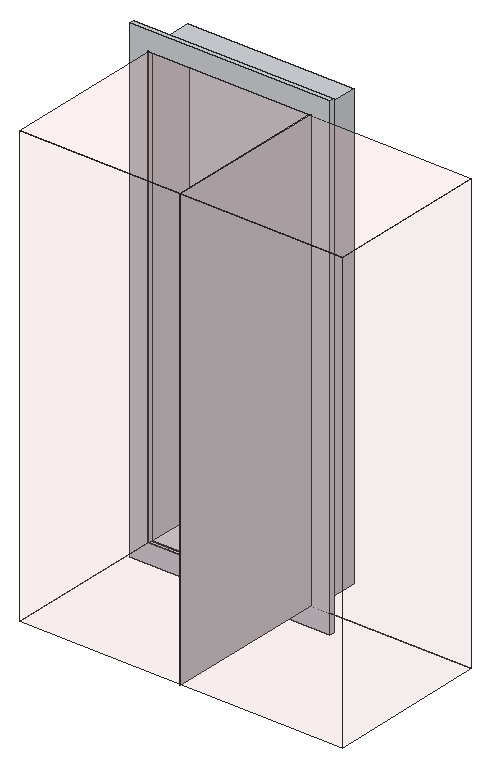
Revit family "Hager-VOLTA-Flush_mounted-IP30-With_Cover-Without_DIN-NoHosted-DE-de", category Electrical Equipment, Revit 2023
Family settings
  Panel Configuration = Two Columns, Circuits Across
  Round Connector Dimension = Use Diameter
  Part Type = Panelboard
  Work Plane-Based = Yes
  Always vertical = Yes
  Cut with Voids When Loaded = No
  Maintain Annotation Orientation = No
  Shared = No
  Room Calculation Point = No
Parameters (values of type "VOLTA-Flush_mounted_W348_H880_D98_12_Modular_Spacing-VU60WWH")
  Width Control [instance] = if([HG000006-Flush mounted], if([EF000846 - Einbaubreite] > min_whd, [EF000846 - Einbaubreite], min_whd), if([EF000008 - Breite] > min_whd, ([EF000008 - Breite]), min_whd))  # 314.5 mm
  Void Depth [instance] = if([EF000218 - Einbautiefe] > 1 mm, [EF000218 - Einbautiefe], 1 mm)  # 89 mm
  Uniformat code = "D501001"
  Uniformat = "Low Tension Service & Dist."
  Référence = ""
  HGEF0002950-Breite in Teilungseinheiten = 12
  HGEF000266-Anzahl der Reihen = 0
  HG000131 - Funktionell label [instance] = ""
  HG000130 - Functional name [instance] = ""
  HG000099-Onfly Template ID-de-DE = "507532"
  HG000059 - Betriebsspannung [instance] = 230 V
  HG000017-Distanz zwischen den Polen = 18 mm
  HG000016-3D-Türsichtbarkeit = yes
  HG000015-Sichtbarkeit der Türöffnung = yes
  HG000014-Tür rechts = yes
  HG000013-Tür links = no
  HG000012-Türschwenkwinkel = 90.00°
  HG000011-Leere Reihen von unten = no
  HG000010-Asymmetrische Türen = no
  HG000009-Doppelflügeligen Tür = no
  HG000008-Anzahl der leeren Reihen = 0
  HG000007-Anzahl der leeren Spalten = 0
  HG000005-Dicke = 2 mm
  HG000004-Herstellerreferenz = "VU60WWH"
  HG000003-Bereich = "VOLTA"
  HG000002-Mit tür = yes
  HG000001-Anzahl der Spalten = 0
  ETIM class name = "Small distribution board"
  ETIM class code = "EC000214"
  EF015941 - Signaldurchlassende Tür = yes
  EF015777 - Neutralleiterklemmenblock = yes
  EF015776 - Erdungsklemmenblock = yes
  EF009212 - Ausführung Deckel = "mit Ausschnitt"
  EF006306 - Mit Schloss = no
  EF006244 - Transparenter Deckel/Tür = no
  EF005474 - Schutzart (IP) = "IP30"
  EF004464 - Art der Tür = ""
  EF004462 - Art der Schließung = "sonstige"
  EF002950 - Breite in Teilungseinheiten = 12
  EF001596 - Werkstoff des Gehäuses = ""
  EF001134 - DIN-Schiene = no
  EF001131 - Innentiefe = 0 mm
  EF001088 - Anbaumöglichkeit = yes
  EF001062 - EMV-Ausführung = no
  EF000846 - Einbaubreite = 314.5 mm
  EF000339 - Art der Abdeckung = ""
  EF000332 - Einbauhöhe = 845 mm
  EF000266 - Anzahl der Reihen = 0
  EF000218 - Einbautiefe = 89 mm
  EF000118 - Mit Montageplatte = yes
  EF000116 - RAL-Nummer = 9010
  EF000049 - Tiefe = 98 mm
  EF000040 - Höhe = 880 mm
  EF000024 - UV-beständig = no
  EF000008 - Breite = 348 mm
  EF000007 - Farbe = "weiß"
  EF000003 - Montageart = "Unterputz"
  Type Comments = ""
  System Height [instance] = Height Control - 2 * [HG000005-Dicke]  # 841 mm
  Reference description = ""
  Reference = "VOLTA-Flush_mounted_W348_H880_D98_12_Modular_Spacing-VU60WWH"
  Panel Name [instance] = ""  # (empty or 0)
  Offset [instance] = 0 mm
  Object type = ""
  Name hager = "ADD_Enclosures_EC000214"
  Name BIM&CO = "Electricity"
  Name = "VOLTA-Flush_mounted-IP30-With_Cover-Without_DIN-DE"
  Model = ""
  Level Offset [instance] = [Flush Mounted - Door Frame Width] + Offset  # 35 mm
  HG000060-RAL-number = "9010"
  HG000006-Flush mounted = yes
  GTIN (Global Trade Item Number) = ""
  Description = ""
  Default Elevation = 1200 mm
  Creation Date = "12/15/2025 21:44:03"
  Code hager = "ADD-EC000214_EU"
  Code Uniformat = ""
  BIM&CO code = ""
  BC_VARIANT_ID = "1174224"
  BC_OBJECT_VERSION = "#3"  # constant formula
  BC_OBJECT_ID = "513475"  # constant formula
  BC_MODEL_ID = "1547152"  # constant formula
  BC_METADATA = "{\"ObjectGuid\":\"bc35c96e-cb38-443e-833d-0616858cb9ac\",\"ModelGuid\":\"8af03f69-2293-4735-a617-cc53adf55621\",\"VariantGuid\":\"8b6e323b-1b53-409a-a940-11b5a7fc5337\",\"Revision\":\"#4\",\"VariantName\":\"Template-Enclosure_EU-EC000214\"}"
  Arrow Offset [instance] = Depth Control / 8  # 11.125 mm
  Arrow Height [instance] = Depth Control - Arrow Offset  # 77.875 mm
  Host Offset [instance] = if([HG000006-Flush mounted], 0 mm, [EF000049 - Tiefe])  # 0 mm
  min_whd [instance] = (2 * [HG000005-Dicke]) + 1 mm  # 5 mm
  Manufacturer = "Hager"  # constant formula
  Height Control [instance] = if([HG000006-Flush mounted], if([EF000332 - Einbauhöhe] > min_whd, [EF000332 - Einbauhöhe], min_whd), if([EF000040 - Höhe] > min_whd, ([EF000040 - Höhe]), min_whd))  # 845 mm
  Flush Mounted - Door Frame Width [instance] = if(([EF000040 - Höhe] - [EF000332 - Einbauhöhe]) > 0 mm, if([HG000006-Flush mounted], [EF000040 - Höhe] - [EF000332 - Einbauhöhe], 0 mm), 0 mm)  # 35 mm
  Depth Control [instance] = if([HG000006-Flush mounted], if([EF000218 - Einbautiefe] > 0 mm, [EF000218 - Einbautiefe], 1 mm), if([EF000049 - Tiefe] > 0 mm, ([EF000049 - Tiefe]), 1 mm))  # 89 mm
Types (6, lengths in mm): name | Width Control | Void Depth | HG000004-Herstellerreferenz | HG000001-Anzahl der Spalten | EF015941 - Signaldurchlassende Tür | EF015777 - Neutralleiterklemmenblock | EF015776 - Erdungsklemmenblock | EF000846 - Einbaubreite | EF000332 - Einbauhöhe | EF000218 - Einbautiefe | EF000118 - Mit Montageplatte | EF000049 - Tiefe | EF000040 - Höhe | System Height | Reference | Level Offset | BC_VARIANT_ID | Arrow Offset | Arrow Height | Height Control | Flush Mounted - Door Frame Width | Depth Control
  VOLTA-Flush_mounted_W348_H505_D94_12_Modular_Spacing-VU24NCT | 335 | 90 | "VU24NCT" | 1 | no | no | no | 335 | 490 | 90 | no | 94 | 505 | 486 | "VOLTA-Flush_mounted_W348_H505_D94_12_Modular_Spacing-VU24NCT" | 15 | "1174219" | 11.25 | 78.75 | 490 | 15 | 90
  VOLTA-Flush_mounted_W348_H630_D98_12_Modular_Spacing-VU36NW | 314.5 | 89 | "VU36NW" | 0 | no | yes | yes | 314.5 | 595 | 89 | yes | 98 | 630 | 591 | "VOLTA-Flush_mounted_W348_H630_D98_12_Modular_Spacing-VU36NW" | 35 | "1174220" | 11.125 | 77.875 | 595 | 35 | 89
  VOLTA-Flush_mounted_W348_H755_D98_12_Modular_Spacing-VU48NW | 314.5 | 89 | "VU48NW" | 0 | no | no | no | 314.5 | 720 | 89 | yes | 98 | 755 | 716 | "VOLTA-Flush_mounted_W348_H755_D98_12_Modular_Spacing-VU48NW" | 35 | "1174221" | 11.125 | 77.875 | 720 | 35 | 89
  VOLTA-Flush_mounted_W348_H755_D98_12_Modular_Spacing-VU48WWH | 314.5 | 89 | "VU48WWH" | 0 | yes | yes | yes | 314.5 | 720 | 89 | yes | 98 | 755 | 716 | "VOLTA-Flush_mounted_W348_H755_D98_12_Modular_Spacing-VU48WWH" | 35 | "1174222" | 11.125 | 77.875 | 720 | 35 | 89
  VOLTA-Flush_mounted_W348_H880_D98_12_Modular_Spacing-VU60NW | 314.5 | 89 | "VU60NW" | 0 | no | yes | yes | 314.5 | 845 | 89 | yes | 98 | 880 | 841 | "VOLTA-Flush_mounted_W348_H880_D98_12_Modular_Spacing-VU60NW" | 35 | "1174223" | 11.125 | 77.875 | 845 | 35 | 89
  VOLTA-Flush_mounted_W348_H880_D98_12_Modular_Spacing-VU60WWH | 314.5 | 89 | "VU60WWH" | 0 | yes | yes | yes | 314.5 | 845 | 89 | yes | 98 | 880 | 841 | "VOLTA-Flush_mounted_W348_H880_D98_12_Modular_Spacing-VU60WWH" | 35 | "1174224" | 11.125 | 77.875 | 845 | 35 | 89
Reference planes
  plane 1 "Center (Front/Back)": y = 0
  plane 2: z = 0
  plane 3 "Center (Left/Right)": x = 0
  plane 4: y = 37
  plane 5: y = 89
  plane 6: y = 35
  plane 7: z = 0
  plane 8: x = -157.25
  plane 9: x = 157.25
  plane 10: x = 155.25
  plane 11: x = -155.25
  plane 12: z = 35
  plane 13: z = 37
  plane 14: y = 5
  plane 15: y = 0
  plane 16: y = 87
  plane 17: z = 878
  plane 18: z = 880
  plane 19: z = 457.5
  plane 20: x = 0
  plane 21: y = -100
  plane 22 "Annotation H": y = -300
  plane 23 "Annotation V": x = 357.25
Forms (mm)
  Extrusion 1, solid
    sketch origin (-208.679, -4572, 35) x (-1, 0, 0) y (0, -1, 0)
      loop
        line (-51.429, -4572) -> (-365.929, -4572) -> (-365.929, -4661) -> (-51.429, -4661) -> (-51.429, -4572)
    from 0 to 845 <- "Height Control"
  Extrusion 2, void
    sketch origin (-350.771, 0, 1219.2) x (1, 0, 0) y (0, 0, 1)
      loop
        line (195.521, -341.2) -> (195.521, -1182.2) -> (506.021, -1182.2) -> (506.021, -341.2) -> (195.521, -341.2)
    from 0 to -87
  Extrusion 3, solid, detail levels coarse+medium
    sketch origin (-350.771, 0, 1219.2) x (-1, 0, 0) y (0, 0, 1)
      loop
        line (-195.521, -341.2) -> (-506.021, -341.2) -> (-506.021, -1182.2) -> (-195.521, -1182.2) -> (-195.521, -341.2)
    from 0 to 2 <- "HG000005-Dicke"
Cuts and joins
  Extrusion 2 cuts Extrusion 1
Dimensions and locks
  "Flush Mounted - Door Frame Width": plane 1 "Center (Front/Back)" to plane 6
  "HG000005-Dicke": plane 4 to plane 6
  "HG000005-Dicke": plane 8 to plane 11
  "HG000005-Dicke": plane 9 to plane 10
  equal spacing: plane 8, plane 3 "Center (Left/Right)", plane 9
  "Width Control": plane 8 to plane 9
  locked: plane 14 to plane 15 at 5
  "Host Offset": plane 1 "Center (Front/Back)" to plane 15
  "Depth Control": plane 5 to plane 15
  "HG000005-Dicke": plane 5 to plane 16
  "HG000005-Dicke": plane 13 to plane 12
  "Level Offset": plane 12 to level
  "HG000005-Dicke": plane 18 to plane 17
  "Height Control": plane 18 to plane 12
  "Arrow Offset": plane 5 to nested 4
  equal spacing: plane 18, plane 19, plane 12
  locked: connector elem to plane 19
  locked: connector elem to plane 3 "Center (Left/Right)"
  Extrusion 2 sketch curve to Extrusion 2 sketch curve to plane 9 = 310.5 mm, 2 mm
  locked: plane 9 to plane 23 "Annotation V" at 200
  locked: plane 22 "Annotation H" to plane 1 "Center (Front/Back)" at 300
  aligned and locked: nested 1 to plane 14
  aligned and locked: plane 3 "Center (Left/Right)" to nested 1
  aligned and locked: plane 3 "Center (Left/Right)" to nested 2
  aligned and locked: nested 2 to plane 15
  aligned and locked: plane 5 to Extrusion 1
  aligned and locked: Extrusion 3 sketch curve to plane 17
  aligned and locked: Extrusion 3 sketch curve to plane 11
  aligned and locked: plane 13 to Extrusion 3 sketch curve
  aligned and locked: Extrusion 3 sketch curve to plane 10
  aligned and locked: plane 13 to Extrusion 2 sketch curve
  aligned and locked: Extrusion 2 sketch curve to plane 17
  aligned and locked: plane 16 to Extrusion 2
  aligned and locked: plane 5 to Extrusion 1 sketch curve
  aligned and locked: plane 9 to Extrusion 1 sketch curve
  aligned and locked: plane 8 to Extrusion 1 sketch curve
  aligned and locked: plane 8 to nested 4
  aligned and locked: plane 8 to nested 3
  aligned and locked: nested 3 to plane 5
  aligned and locked: Extrusion 1 sketch curve to plane 15
  aligned and locked: Extrusion 2 to plane 15
  aligned and locked: nested 5 to plane 22 "Annotation H"
  aligned and locked: plane 23 "Annotation V" to nested 5
  aligned and locked: plane 11 to Extrusion 2
  aligned and locked: plane 10 to Extrusion 2
Nested families
  nested 1: "Hager_Enclosure_System" at (0, 5, 37), Flush_Mounted <- "HG000006-Flush mounted", Height <- "System Height", Width_Control <- "Width Control", Built-in_Width <- "EF000846 - Einbaubreite", Width <- "EF000008 - Breite", Depth <- "HG000005-Dicke", Border <- "HG000005-Dicke", Distance_Between_Poles <- "HG000017-Distanz zwischen den Polen", Empty_Columns <- "HG000007-Anzahl der leeren Spalten", Total_No_Empty_Rows <- "HG000008-Anzahl der leeren Reihen", Empty_Rows_From_Bottom <- "HG000011-Leere Reihen von unten", Columns_Count <- "HG000001-Anzahl der Spalten", Rows_Count <- "HGEF000266-Anzahl der Reihen", Row_Module_Multiplicator <- "HGEF0002950-Breite in Teilungseinheiten", type "Hager_Enclosure_System", detail levels medium+fine
    with Width_Control 314.5 mm, Width 348 mm, Total_No_Rows 0, Total_No_Empty_Rows 0, Total_No_Columns 1, System_Width 310.5 mm, Rows_Count 0, Rows_Column 0, Row_Module_Multiplicator 12, Panel_4 no, Panel_3 no, Panel_2 no, Panel_1 no, No_Panels_Ctrl 1, Hide_Columns yes, Height 841 mm, Flush_Mounted yes, Empty_Rows_From_Bottom no, Empty_Rows_Column 0, Empty_Columns 0, Empty column 4 0, Empty column 3 0, Empty column 2 0, Empty column 1 0, Distance_Between_Poles 18 mm, Depth 2 mm, Columns_Count 0, Column_Width 310.5 mm, Built-in_Width 314.5 mm, Border 2 mm
  nested 2: "Hager_Enclosure_Door" at (0, 0, 35), Height_Ctrl <- "Height Control", Flush_Mounted <- "HG000006-Flush mounted", Width_Ctrl <- "Width Control", BuiltIn_Depth <- "EF000218 - Einbautiefe", Depth <- "EF000049 - Tiefe", BuiltIn_Width <- "EF000846 - Einbaubreite", Height <- "EF000040 - Höhe", BuiltIn_Height <- "EF000332 - Einbauhöhe", Width <- "EF000008 - Breite", Transparent <- "EF006244 - Transparenter Deckel/Tür", Border <- "HG000005-Dicke", Door <- "HG000002-Mit tür", Double <- "HG000009-Doppelflügeligen Tür", Assymetrical <- "HG000010-Asymmetrische Türen", Angle <- "HG000012-Türschwenkwinkel", Door_Left <- "HG000013-Tür links", Door_Right <- "HG000014-Tür rechts", Clearance <- "HG000015-Sichtbarkeit der Türöffnung", 3d_Door <- "HG000016-3D-Türsichtbarkeit", type "Hager_Enclosure_Door", detail levels medium+fine
    with min_wh 5 mm, Width_Ctrl 314.5 mm, Width 348 mm, Transparent_Door_No_Bottom_Border no, Transparent no, Leaf_Width 307.5 mm, Leaf_Tolerance 1.5 mm, Leaf_Height 838 mm, Leaf_2_Width 307.5 mm, Leaf_2_Offset 153.75 mm, Leaf_1_Width 307.5 mm, Leaf_1_Offset 153.75 mm, Height_Ctrl 845 mm, Height 880 mm, Frame_Width_Ctrl 33.5 mm, Frame_Width 33.5 mm, Frame_Internal_Offset 2 mm, Frame_Height_Ctrl 35 mm, Frame_Height 35 mm, Frame_Depth_Ctrl 9 mm, Frame_Depth 9 mm, Flush_Mounted yes, Double_Clearance_Ctrl no, Double no, Door_Right_Ctrl yes, Door_Right yes, Door_Left_Ctrl no, Door_Left no, Door yes, Depth 98 mm, Clearance_Depth 307.5 mm, Clearance_Ctrl yes, Clearance yes, BuiltIn_Width 314.5 mm, BuiltIn_Height 845 mm, BuiltIn_Depth 89 mm, Border 2 mm, Assymetrical no, Angle 90.00°, 3d_Door yes
  nested 3: "Hager_Enclosure_Symbol_Triangle" at (-157.25, 89, 0), Depth <- "Depth Control", Width <- "Width Control", type "Hager_Enclosure_Symbol_Triangle"
    with Width_Ctrl 314.5 mm, Width 314.5 mm, Depth_Ctrl 89 mm, Depth 89 mm
  nested 4: "Hager_Enclosure_Symbol_Arrow" at (-157.25, 77.875, 0), Height <- "Arrow Height", type "Hager_Enclosure_Symbol_Arrow"
    with Width_Inside 5.841 mm, Width 70.087 mm, Height_Ctrl 77.875 mm, Height 77.875 mm
  nested 5: "Hager_Annotation-HG000130" at (357.25, -300, 0), HG000130 - Functional name <- "HG000130 - Functional name", type "Hager_Annotation-HG000130"
    with HG000130 - Functional name ""
Connectors
  electrical at (0, 89, 457.5), driven by "HG000059 - Betriebsspannung"
    settings: on plane 5, index 1, voltage 230 V, apparent load 0 VA, apparent load phase1 0 VA, apparent load phase2 0 VA, apparent load phase3 0 VA, power factor 1, load classification "Other", number of poles 1, system type 30, power factor state 1, is connector primary yes, connector utility no, sub classification motor no, connector description ""
Definition of nested family "Hager_Enclosure_Door"
  Parameters (values of type "Hager_Enclosure_Door")
    min_wh [instance] = (2 * Border) + 1 mm  # 11 mm
    Width_Ctrl [instance] = 400 mm
    Width [instance] = 500 mm
    Transparent_Door_No_Bottom_Border [instance] = no
    Transparent [instance] = yes
    Leaf_Width [instance] = if((Width_Ctrl - 2 * Border - 2 * Leaf_Tolerance) > 0 mm, (Width_Ctrl - 2 * Border - 2 * Leaf_Tolerance), min_wh)  # 387 mm
    Leaf_Tolerance [instance] = 1.5 mm  # constant formula
    Leaf_Height [instance] = if((Height_Ctrl - 2 * Border - 2 * Leaf_Tolerance) > 0 mm, (Height_Ctrl - 2 * Border - 2 * Leaf_Tolerance), min_wh)  # 387 mm
    Leaf_2_Width [instance] = if(and(and(Double, Assymetrical), Door_Left), (Leaf_Width / 3) - (Leaf_Tolerance / 2), if(and(and(Double, Assymetrical), Door_Right), (Leaf_Width / 3) * 2 - (Leaf_Tolerance / 2), if(and(Double, not(Assymetrical)), (Leaf_Width / 2) - Leaf_Tolerance, Leaf_Width)))  # 387 mm
    Leaf_2_Offset [instance] = if(and(Double, Assymetrical), Leaf_2_Width / 2, if(and(Double, not(Assymetrical)), Leaf_Width / 4, Leaf_Width / 2))  # 193.5 mm
    Leaf_1_Width [instance] = if(and(and(Double, Assymetrical), Door_Right), (Leaf_Width / 3) - (Leaf_Tolerance / 2), if(and(and(Double, Assymetrical), Door_Left), (Width / 3) * 2 - (Leaf_Tolerance / 2), if(and(Double, not(Assymetrical)), (Leaf_Width / 2) - Leaf_Tolerance, Leaf_Width)))  # 387 mm
    Leaf_1_Offset [instance] = if(and(Double, Assymetrical), Leaf_1_Width / 2, if(and(Double, not(Assymetrical)), Leaf_Width / 4, Leaf_Width / 2))  # 193.5 mm
    Height_Ctrl [instance] = 400 mm
    Height [instance] = 500 mm
    Frame_Width_Ctrl [instance] = if(Frame_Width > 0 mm, Frame_Width, 1 mm)  # 1 mm
    Frame_Width [instance] = Width - BuiltIn_Width  # 0 mm
    Frame_Internal_Offset [instance] = if(Flush_Mounted, Border, 0 mm)  # 5 mm
    Frame_Height_Ctrl [instance] = if(Frame_Height > 0 mm, Frame_Height, 1 mm)  # 1 mm
    Frame_Height [instance] = Height - BuiltIn_Height  # 0 mm
    Frame_Depth_Ctrl [instance] = if(Frame_Depth > 0 mm, Frame_Depth, 1 mm)  # 1 mm
    Frame_Depth [instance] = if(Depth - BuiltIn_Depth > 0 mm, if(Flush_Mounted, Depth - BuiltIn_Depth, 0 mm), 0 mm)  # 0 mm
    Flush_Mounted [instance] = yes
    Double_Clearance_Ctrl [instance] = and(Double, Clearance)  # no
    Double [instance] = no
    Door_Right_Ctrl [instance] = and(or(Door_Right, Double), Door)  # yes
    Door_Right [instance] = yes
    Door_Left_Ctrl [instance] = and(or(Door_Left, Double), Door)  # no
    Door_Left [instance] = no
    Door [instance] = yes
    Depth [instance] = 500 mm
    Default Elevation = 1219.2 mm
    Clearance_Material = none
    Clearance_Depth [instance] = if(Leaf_1_Width > Leaf_2_Width, Leaf_1_Width, Leaf_2_Width)  # 387 mm
    Clearance_Ctrl [instance] = and(not(Double), Clearance)  # yes
    Clearance [instance] = yes
    BuiltIn_Width [instance] = 500 mm
    BuiltIn_Height [instance] = 500 mm
    BuiltIn_Depth [instance] = 500 mm
    Border [instance] = 5 mm
    Assymetrical [instance] = yes
    Angle [instance] = 30.00°
    3d_Door [instance] = yes
  Reference planes
    plane 1 "Center (Front/Back)": y = 0
    plane 2 "Bottom": z = 0
    plane 3 "Center (Left/Right)": x = 0
    plane 4: z = 400
    plane 5: x = -200
    plane 6: x = 200
    plane 7: z = 395
    plane 8: x = -195
    plane 9: z = 5
    plane 10: x = 195
    plane 11: y = 0
    plane 12: z = 6.5
    plane 13: x = -582
    plane 14: y = -387
    plane 15: x = 582
    plane 16: x = 0
    plane 17: x = 0
    plane 18: x = -193.5
    plane 19: x = 193.5
    plane 20: z = 393.5
  Forms (mm)
    Extrusion 1, solid, visible <- "Flush_Mounted"
      sketch origin (0, 0, 0) x (1, 0, 0) y (0, 0, 1)
        loop
          line (195, 5) -> (195, 395) -> (-195, 395) -> (-195, 5) -> (195, 5)
        loop
          line (-201, 401) -> (-201, -1) -> (201, -1) -> (201, 401) -> (-201, 401)
      from 0 to 1 <- "Frame_Depth_Ctrl"
    Extrusion 2, solid, material <- "Clearance_Material", visible <- "Double_Clearance_Ctrl"
      sketch origin (1200, 0, 0) x (1, 0, 0) y (0, 0, -1)
        loop
          line (-1782, -393.5) -> (-618, -393.5) -> (-618, 0) -> (-1782, 0) -> (-1782, -393.5)
      from 0 to -387
  Dimensions and locks
    equal spacing: plane 5, plane 3 "Center (Left/Right)", plane 6
    "Width_Ctrl": plane 5 to plane 6
    "Border": plane 5 to plane 8
    "Border": plane 6 to plane 10
    "Border": plane 9 to level
    "Border": plane 4 to plane 7
    "Height_Ctrl": plane 4 to level
    "Leaf_Tolerance": plane 12 to plane 9
    "Frame_Depth": plane 11 to plane 1 "Center (Front/Back)"
    "Frame_Width_Ctrl": plane 5 to Extrusion 1 sketch curve
    "Frame_Width_Ctrl": plane 6 to Extrusion 1 sketch curve
    "Frame_Width_Ctrl": Extrusion 1 sketch curve to plane 4
    "Frame_Width_Ctrl": plane 2 "Bottom" to Extrusion 1 sketch curve
    "Leaf_1_Offset": plane 18 to plane 16
    "Leaf_2_Offset": plane 17 to plane 19
    "Leaf_1_Width": plane 13 to plane 8
    "Leaf_2_Width": plane 10 to plane 15
    "Clearance_Depth": plane 14 to plane 1 "Center (Front/Back)"
    "Leaf_Tolerance": plane 8 to plane 18
    "Leaf_Tolerance": plane 19 to plane 10
    "Leaf_Tolerance": plane 7 to plane 20
    "Frame_Internal_Offset": plane 5 to Extrusion 1 sketch curve
    "Frame_Internal_Offset": Extrusion 1 sketch curve to plane 2 "Bottom"
    "Frame_Internal_Offset": plane 6 to Extrusion 1 sketch curve
    "Frame_Internal_Offset": plane 4 to Extrusion 1 sketch curve
    aligned and locked: level to plane 2 "Bottom"
    aligned and locked: nested 1 to plane 16
    aligned and locked: nested 2 to plane 17
    aligned and locked: Extrusion 2 to plane 13
    aligned and locked: plane 15 to Extrusion 2
    aligned and locked: Extrusion 2 to plane 14
    aligned and locked: plane 12 to nested 1
    aligned and locked: nested 2 to plane 12
    aligned and locked: Extrusion 2 to plane 11
    aligned and locked: plane 20 to Extrusion 2
    aligned and locked: nested 2 to plane 11
    aligned and locked: nested 1 to plane 11
  Automatic sketch dimensions
    Extrusion 2 sketch curve to level = 0 mm
    plane 5 to Extrusion 2 sketch curve = 382 mm
    plane 6 to Extrusion 2 sketch curve = 382 mm
    Extrusion 2 sketch curve to plane 4 = 6.5 mm
  Nested families
    nested 1: "Hager_Enclosure_Door_Leaf" at (0, 0, 6.5), Width <- "Leaf_1_Width", visible <- "Door_Left_Ctrl", Leaf_Height <- "Leaf_Height", Angle <- "Angle", Depth <- "Border", 3d_Door <- "3d_Door", Transparent <- "Transparent", Clearance Material <- "Clearance_Material", Clearance <- "Clearance_Ctrl", Transparent_Door_No_Bottom_Border <- "Transparent_Door_No_Bottom_Border", type "Hager_Enclosure_Door_Leaf"
      with Width 387 mm, Transparent_Door_No_Bottom_Border no, Transparent_Door_Border_Bottom_Top 25 mm, Transparent_Door_Border 25 mm, Transparent_Ctrl yes, Transparent yes, Standard no, Leaf_Height 387 mm, Glass_Offset 1 mm, Depth 5 mm, Clearance Material none, Clearance yes, Angle_Ctrl 30.00°, Angle 30.00°, 3d_Door yes
    nested 2: "Hager_Enclosure_Door_Leaf" at (0, 0, 6.5) x (-1, 0, 0) z (0, 0, 1), Width <- "Leaf_2_Width", visible <- "Door_Right_Ctrl", Leaf_Height <- "Leaf_Height", Angle <- "Angle", Depth <- "Border", 3d_Door <- "3d_Door", Transparent <- "Transparent", Clearance Material <- "Clearance_Material", Clearance <- "Clearance_Ctrl", Transparent_Door_No_Bottom_Border <- "Transparent_Door_No_Bottom_Border", type "Hager_Enclosure_Door_Leaf"
      with Width 387 mm, Transparent_Door_No_Bottom_Border no, Transparent_Door_Border_Bottom_Top 25 mm, Transparent_Door_Border 25 mm, Transparent_Ctrl yes, Transparent yes, Standard no, Leaf_Height 387 mm, Glass_Offset 1 mm, Depth 5 mm, Clearance Material none, Clearance yes, Angle_Ctrl 30.00°, Angle 30.00°, 3d_Door yes
  Definition of nested family "Hager_Enclosure_Door_Leaf"
    Parameters (values of type "Hager_Enclosure_Door_Leaf")
      Width [instance] = 2000 mm
      Transparent_Door_No_Bottom_Border [instance] = yes
      Transparent_Door_Border_Bottom_Top [instance] = if(Transparent_Door_No_Bottom_Border, 0.1 mm, Transparent_Door_Border)  # 0.1 mm
      Transparent_Door_Border [instance] = if(Transparent_Door_No_Bottom_Border, (Width * 0.12), 25 mm)  # 240 mm
      Transparent_Ctrl [instance] = and(Transparent, [3d_Door])  # yes
      Transparent [instance] = yes
      Standard [instance] = and(not(Transparent), [3d_Door])  # no
      Leaf_Height [instance] = 2720.336 mm
      Glass_Offset [instance] = if((Depth - 10 mm) / 2 > 0 mm, (Depth - 10 mm) / 2, 1 mm)  # 15 mm
      Glass_Material = none
      Depth [instance] = 40 mm
      Default Elevation = 0 mm
      Clearance Material [instance] = none
      Clearance [instance] = yes
      Angle_Ctrl [instance] = if(Angle > 170.00°, 170.00°, Angle)  # 45.00°
      Angle [instance] = 45.00°
      3d_Door [instance] = yes
    Reference planes
      plane 1 "Center (Front/Back)": y = 0
      plane 2: z = 0
      plane 3 "Center (Left/Right)": x = 0
      plane 4: y = 2000
      plane 5: x = -1000
      plane 6: x = 1000
      plane 7: x = -3000
      plane 8: z = 2720.336
      plane 9: z = 0.1
      plane 10: z = 2720.236
      plane 11: x = 760
      plane 12: x = -760
    Forms (mm)
      Extrusion 1, solid, material <- "Clearance Material", visible <- "Clearance"
        sketch origin (0, 0, 0) x (1, 0, 0) y (0, 0, 1)
          loop
            line (-3000, 2720.336) -> (-3000, 0) -> (1000, 0) -> (1000, 2720.336) -> (-3000, 2720.336)
        from 0 to -2000
      Extrusion 2, solid, visible <- "Standard", detail levels medium+fine
        sketch origin (-1000, 0, 0) x (0.707107, 0.707107, 0) y (-0.707107, 0.707107, 0)
          loop
            line (0, -40) -> (2000, -40) -> (2000, 0) -> (0, 0) -> (0, -40)
        from 0 to 2720.336 <- "Leaf_Height"
      Extrusion 3, solid, visible <- "Transparent_Ctrl", detail levels medium+fine
        sketch origin (-1000, 0, 0) x (0.707107, 0.707107, 0) y (-0.707107, 0.707107, 0)
          loop
            line (0, -40) -> (2000, -40) -> (2000, 0) -> (0, 0) -> (0, -40)
        from 0 to 2720.336 <- "Leaf_Height"
      Extrusion 4, void, detail levels medium+fine
        sketch origin (-1000, 0, 0) x (-0.707107, 0.707107, 0) y (0.707107, 0.707107, 0)
          loop
            line (0, 240) -> (0, 1760) -> (-40, 1760) -> (-40, 240) -> (0, 240)
        from -2720.236 to -0.1
      Extrusion 5, solid, material <- "Glass_Material", visible <- "Transparent_Ctrl", detail levels medium+fine
        sketch origin (-1000, 0, 0) x (0.707107, 0.707107, 0) y (-0.707107, 0.707107, 0)
          loop
            line (240, -15) -> (240, -25) -> (1760, -25) -> (1760, -15) -> (240, -15)
        from 0.1 to 2720.236
    Cuts and joins
      Extrusion 4 cuts Extrusion 3
    Lines and regions (mm)
      symbolic lines
        curve 1: line (1000, 0, 0) -> (-3000, 0, 0)
        curve 2: arc (1000, 0, 0) -> (-1000, 2000, 0) -> (-3000, 0, 0) r 2000
        curve 4: line (-1000, 0, 0) -> (414.214, 1414.214, 0)
      reference lines
        curve 3: line (-1000, 0, 0) -> (414.214, 1414.214, 0)
      symbolic lines, detail levels medium+fine
        curve 5: line (414.214, 1414.214, 0) -> (442.498, 1385.929, 0)
        curve 6: line (442.498, 1385.929, 0) -> (-971.716, -28.284, 0)
        curve 7: line (-971.716, -28.284, 0) -> (-1000, 0, 0)
        curve 8: line (-1000, 0, 2720.336) -> (1000, 0, 2720.336)
        curve 9: line (-1000, 0, 0) -> (-1000, 0, 2720.336)
        curve 10: line (1000, 0, 0) -> (-1000, 0, 0)
        curve 11: line (1000, 0, 2720.336) -> (1000, 0, 0)
      symbolic lines, visible <- "Transparent_Ctrl", detail levels medium+fine
        curve 12: line (-760, 0, 2720.236) -> (760, 0, 2720.236)
        curve 13: line (-760, 0, 0.1) -> (-760, 0, 2720.236)
        curve 14: line (760, 0, 0.1) -> (-760, 0, 0.1)
        curve 15: line (760, 0, 2720.236) -> (760, 0, 0.1)
    Dimensions and locks
      "Width": plane 1 "Center (Front/Back)" to plane 4
      equal spacing: plane 5, plane 3 "Center (Left/Right)", plane 6
      "Width": plane 5 to plane 6
      "Width": plane 7 to plane 5
      "Leaf_Height": plane 8 to level
      "Depth": curve 6 to curve 3
      "Width": curve 5 to curve 3
      "Width": curve 3 to curve 3
      "Transparent_Door_Border": Extrusion 4 sketch curve to curve 7
      "Transparent_Door_Border": Extrusion 4 sketch curve to curve 5
      "Transparent_Door_Border_Bottom_Top": plane 8 to plane 10
      "Transparent_Door_Border_Bottom_Top": plane 9 to level
      "Glass_Offset": Extrusion 5 sketch curve to curve 4
      "Glass_Offset": Extrusion 5 sketch curve to curve 6
      "Transparent_Door_Border": Extrusion 5 sketch curve to curve 5
      "Transparent_Door_Border": Extrusion 5 sketch curve to curve 7
      "Transparent_Door_Border": plane 12 to plane 5
      "Transparent_Door_Border": plane 6 to plane 11
      "Angle_Ctrl": angle plane 1 "Center (Front/Back)" to curve 3
      aligned and locked: level to plane 2
      aligned and locked: Extrusion 1 to curve 1
      aligned and locked: plane 6 to Extrusion 1
      aligned and locked: Extrusion 1 to plane 1 "Center (Front/Back)"
      aligned and locked: plane 4 to Extrusion 1
      aligned and locked: plane 8 to Extrusion 1
      aligned and locked: curve 4 to curve 3
      aligned and locked: Extrusion 2 sketch curve to curve 7
      aligned and locked: Extrusion 2 sketch curve to curve 6
      aligned and locked: Extrusion 2 sketch curve to curve 5
      aligned and locked: Extrusion 2 sketch curve to curve 3
      aligned and locked: curve 7 to Extrusion 3 sketch curve
      aligned and locked: Extrusion 3 sketch curve to curve 4
      aligned and locked: Extrusion 3 sketch curve to curve 6
      aligned and locked: Extrusion 3 sketch curve to curve 5
      aligned and locked: curve 4 to Extrusion 4 sketch curve
      aligned and locked: curve 6 to Extrusion 4 sketch curve
      aligned and locked: Extrusion 4 to plane 9
      aligned and locked: Extrusion 4 to plane 10
      aligned and locked: Extrusion 5 to plane 9
      aligned and locked: Extrusion 5 to plane 10
      aligned and locked: curve 8 to plane 8
      aligned and locked: plane 5 to curve 9
      aligned and locked: plane 2 to curve 10
      aligned and locked: curve 11 to plane 6
      aligned and locked: plane 10 to curve 12
      aligned and locked: plane 12 to curve 13
      aligned and locked: curve 14 to plane 9
      aligned and locked: plane 11 to curve 15
    Automatic sketch dimensions
      plane 1 "Center (Front/Back)" to curve 2 = 0 mm
      curve 2 to plane 5 = 0 mm
      Extrusion 1 sketch curve to level = 0 mm
      Extrusion 1 sketch curve to plane 7 = 0 mm
      Extrusion 1 sketch curve to plane 6 = 0 mm
      Extrusion 1 sketch curve to plane 8 = 0 mm
      plane 1 "Center (Front/Back)" to curve 3 = 0 mm
      curve 3 to plane 5 = 0 mm
      curve 7 to curve 3 = 0 mm
Definition of nested family "Hager_Enclosure_Symbol_Triangle"
  Parameters (values of type "Hager_Enclosure_Symbol_Triangle")
    Width_Ctrl [instance] = if(Width > 1 mm, Width, 1 mm)  # 498 mm
    Width [instance] = 498 mm
    Depth_Ctrl [instance] = if(Depth > 1 mm, Depth, 1 mm)  # 72 mm
    Depth [instance] = 72 mm
  Reference planes
    plane 1 "Centre (avant/arrière)": y = 0
    plane 2: z = 0
    plane 3 "Centre (gauche/droite)": x = 0
  Lines and regions (mm)
    Filled region 1, type "Solid_Black", in view "Niveau de réf."
      outline origin (0, 0, 0) x (1, 0, 0) y (0, 1, 0)
        loop
          line (0, 0) -> (498, 0) -> (498, 72) -> (0, 0)
    reference lines, in view "Niveau de réf."
      curve 1: line (-206.153, 72, 0) -> (1083.258, 72, 0)
      curve 2: line (498, 405.456, 0) -> (498, -517.619, 0)
  Dimensions and locks
    "Depth_Ctrl": plane 1 "Centre (avant/arrière)" to curve 1
    "Width_Ctrl": plane 3 "Centre (gauche/droite)" to curve 2
    aligned and locked: curve 1 to Filled region 1 sketch curve
    aligned and locked: Filled region 1 sketch curve to plane 1 "Centre (avant/arrière)"
    aligned and locked: curve 2 to Filled region 1 sketch curve
    aligned and locked: plane 3 "Centre (gauche/droite)" to Filled region 1 sketch curve
    aligned and locked: plane 1 "Centre (avant/arrière)" to Filled region 1 sketch curve
  Automatic sketch dimensions
    curve 1 to plane 3 "Centre (gauche/droite)" = 206.153 mm
    curve 2 to curve 1 = 585.258 mm
    plane 1 "Centre (avant/arrière)" to curve 2 = 517.619 mm
    curve 2 to plane 1 "Centre (avant/arrière)" = 405.456 mm
Definition of nested family "Hager_Enclosure_Symbol_Arrow"
  Parameters (values of type "Hager_Enclosure_Symbol_Arrow")
    Width_Inside [instance] = if(Width / 12 > 2 mm, Width / 12, 2 mm)  # 4.987 mm
    Width [instance] = if(Height_Ctrl * 0.9 > 2 mm, Height_Ctrl * 0.9, 2 mm)  # 59.85 mm
    Height_Ctrl [instance] = if(Height > 2 mm, Height, 2 mm)  # 66.5 mm
    Height [instance] = 66.5 mm
  Reference planes
    plane 1 "Centre (avant/arrière)": y = 0
    plane 2: z = 0
    plane 3 "Centre (gauche/droite)": x = 0
    plane 4: x = 59.85
    plane 5: y = 28.263
    plane 6: y = 38.238
    plane 7: y = 66.5
    plane 8: x = 29.925
    plane 9: y = 33.25
  Lines and regions (mm)
    Filled region 1, type "Solid_Black", in view "Niveau de réf."
      outline origin (0, 0, 0) x (1, 0, 0) y (0, 1, 0)
        loop
          line (59.85, 66.5) -> (37.929, 52.827) -> (51.846, 41.935) -> (59.85, 66.5)
    detail lines, in view "Niveau de réf."
      curve 1: line (0, 0, 0) -> (29.925, 38.238, 0)
      curve 2: line (29.925, 38.238, 0) -> (29.925, 28.263, 0)
      curve 3: line (29.925, 28.263, 0) -> (59.85, 66.5, 0)
  Dimensions and locks
    "Width": plane 3 "Centre (gauche/droite)" to plane 4
    "Height_Ctrl": plane 7 to plane 1 "Centre (avant/arrière)"
    equal spacing: plane 3 "Centre (gauche/droite)", plane 8, plane 4
    equal spacing: plane 7, plane 9, plane 1 "Centre (avant/arrière)"
    equal spacing: plane 6, plane 9, plane 5
    "Width_Inside": plane 6 to plane 9
    equal spacing: curve 3, Filled region 1 sketch curve, Filled region 1 sketch curve
    angle Filled region 1 sketch curve to curve 3 = 20.00°
    angle curve 3 to Filled region 1 sketch curve = 20.00°
    locked: curve 3 to Filled region 1 sketch curve (angle 90.00°)
  Automatic sketch dimensions
    plane 1 "Centre (avant/arrière)" to curve 1 = 0 mm
    curve 1 to plane 3 "Centre (gauche/droite)" = 0 mm
    curve 2 to plane 6 = 0 mm
    curve 3 to plane 8 = 0 mm
    curve 3 to plane 4 = 0 mm
    curve 2 to plane 5 = 0 mm
    curve 3 to plane 7 = 0 mm
    Filled region 1 sketch curve to plane 4 = 0 mm
    Filled region 1 sketch curve to plane 7 = 0 mm
Definition of nested family "Hager_Annotation-HG000130"
  Parameters (values of type "Hager_Annotation-HG000130")
    HG000130 - Functional name [instance] = ""
  Reference planes
    plane 1: y = 0
    plane 2: x = 0
  Lines and regions (mm)
    detail lines
      curve 1: line (-27.5, 10, 0) -> (27.5, 10, 0)
      curve 2: line (-27.5, -10, 0) -> (-27.5, 10, 0)
      curve 3: line (27.5, -10, 0) -> (-27.5, -10, 0)
      curve 4: line (27.5, 10, 0) -> (27.5, -10, 0)
  Text (mm)
    label "HG000130 - Functional name" at (0.16, 0.026, 0), shows "HG000130 - Functional name"
